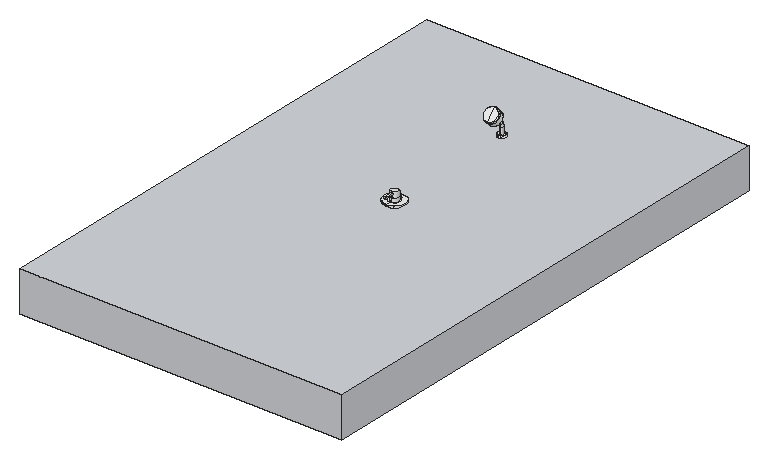
Revit family "Pressure_Balance_Valve_Shower-GROHE-Concetto-102495_Series", category Plumbing Fixtures, host Face, Revit 2019
Family settings
  Host = Face
  Round Connector Dimension = Use Diameter
  Part Type = Normal
  OmniClass Number = 23.45.05.14.17
  OmniClass Title = Showers
  Cut with Voids When Loaded = No
  Shared = Yes
  Room Calculation Point = No
Parameters (values of type "1024950000")
  Waste Connection = no
  WFU = 2  # constant formula
  Vent Connection = no
  URL = "https://www.grohe.com"
  Type Comments = ""
  Tempesta Cosmo Shower Head 4-Sprays (26 043) = yes
  Tempered Connection Radius = Tempered Connection Diameter / 2  # 1/4"
  Tempered Connection Diameter = Hot Water Connection Diameter  # 1/2"
  Model = "1024950000"
  Material = "Metal-Grohe-000-StarLight Chrome"
  Manufacturer = "Grohe"  # constant formula
  Installation Type = "Wall Mounted"  # constant formula
  Relexa 5” Shower Arm (27 414) = yes
  Hot Water Connection Radius = Hot Water Connection Diameter / 2  # 1/4"
  Hot Water Connection Diameter = Cold Water Connection Diameter  # 1/2"
  HWFU = 1.5  # constant formula
  HW Connection = yes
  Flow Rate = "2.0 gpm"  # constant formula
  Finish = Metal-Grohe-000-StarLight Chrome
  Description = "Concetto Bathtub/Shower Combo Faucet"  # constant formula
  Default Elevation = 40"  # constant formula
  Creation Date = "05/22/2024"  # constant formula
  Concetto Pressure Balance Trim with Cartridge (14 468) = yes
  Compliance Certifications = "• Massachusetts Plumbing Board Approved\r\n• Energy Policy Act of 1992\r\n• CSA B125.1\r\n• ASME A112.18.1"
  Cold Water Connection Radius = 1/4"  # constant formula
  Cold Water Connection Diameter = Cold Water Connection Radius * 2  # 1/2"
  CalGreen Compliant = yes
  CWFU = 1.5  # constant formula
  CW Connection = yes
  CEC Compliant = yes
  Assembly Code = "D2010710"
  ADA Compliant = yes
Types (3): name | Model | Material | Finish
  1024950000 | "1024950000" | "Metal-Grohe-000-StarLight Chrome" | Metal-Grohe-000-StarLight Chrome
  1024952430 | "1024952430" | "Metal-Grohe-2430-Matte Black" | Metal-Grohe-2430-Matte Black
  102495EN00 | "102495EN00" | "Metal-Grohe-EN0-Brushed Nickel Infinity Finish" | Metal-Grohe-EN0-Brushed Nickel Infinity Finish
Reference planes (in)
  plane 1 "Center (Front/Back)": y = 0
  plane 2: z = 0
  plane 3 "Center (Left/Right)": x = 0
  plane 4: z = 2.68355
  plane 5: z = 2.23466
  plane 6: y = 40
  plane 7: z = 7.27905
  plane 8: y = 35.97095
  plane 9: z = 0.375
  plane 10: y = -40
  plane 11: z = 4.6875
  plane 12: through (0, 39.21275, 6.80348) normal (0, 0.7071, 0.7071)
  plane 13: through (0, 34.51304, 5.93473) normal (0, -0.7071, -0.7071)
  plane 14: through (0, 38.44281, 5.0759) normal (0, -0.7071, 0.7071)
  plane 15: through (0, 36.46189, 7.77956) normal (0, -0.7071, 0.7071)
  plane 16: z = 4.9375
  plane 17: y = 38.375
  plane 18: y = 41.28125
  plane 19: y = 38.71875
  plane 20: x = 3.125
  plane 21: x = -3.125
  plane 22: y = 3.125
  plane 23: y = -3.625
  plane 24: y = 0.4375
Forms (in)
  Extrusion 1, solid
    sketch origin (0, 0, 0) x (1, 0, 0) y (0, 1, 0)
      loop
        line (-48, 72) -> (-48, -79.70833) -> (48, -79.70833) -> (48, 72) -> (-48, 72)
    from 0 to -12
  Revolve 2, solid, material "Metal-Grohe-000-StarLight Chrome" <- "Finish"
    sketch origin (0, 0, 0) x (0, 1, 0) y (0, 0, 1)
      loop
        line (1.11633, 1.4079) -> (1.025, 1.4079) -> (0.99546, 1.47124) -> (1.09216, 1.47124) -> (1.11633, 1.4954) -> (1.07948, 3.60602) -> (0, 3.60602) -> (0, 0) -> (1.11633, 0) -> (1.11633, 1.4079)
      axis (0, 3.60602) -> (0, 0)
    angle from 0 to 360
  Extrusion 3, void
    sketch origin (0, 0, 0) x (0, 1, 0) y (0, 0, 1)
      loop
        line (1.34438, 2.58954) -> (1.34438, 3.8541) -> (-1.40562, 3.8541) -> (-1.40562, 3.03645)
        arc (-1.40562, 3.03645) -> (-0.01538, 2.90676) -> (1.34438, 2.58954) r 10.26165
      loop
        line (-3.50752, 2.014) -> (-3.64022, 2.764) -> (-4.56057, 2.764) -> (-4.56057, 2.014) -> (-3.50752, 2.014)
    from -1.36469 to 1.35107
  Extrusion 4, solid, material "Metal-Grohe-000-StarLight Chrome" <- "Finish"
    sketch origin (0, 0, 0) x (1, 0, 0) y (0, 0, 1)
      loop
        circle (0, 2.4589) r 0.22424
    from 0 to 4.41223
  Revolve 5, solid, material "Metal-Grohe-000-StarLight Chrome" <- "Finish"
    sketch origin (0, 19.59538, 0) x (0, 1, 0) y (0, 0, 1)
      loop
        arc (21.58119, 0.36609) -> (21.56058, 0.39848) -> (21.52562, 0.41433) r 0.06732
        arc (21.52562, 0.41433) -> (20.96641, 0.47376) -> (20.40462, 0.49879) r 9.16753
        line (20.40462, 0.49879) -> (20.40462, 0) -> (21.68557, 0) -> (21.58119, 0.36609)
      axis (20.40462, 0.49879) -> (20.40462, 0)
    angle from 0 to 360
  Sweep 6, solid, material "Metal-Grohe-000-StarLight Chrome" <- "Finish"
    path origin (0, 19.59538, 0) x (0, 1, 0) y (0, 0, 1)
      loop
        line (20.40462, 0.18998) -> (20.40462, 2.61518)
        arc (20.40462, 2.61518) -> (20.28944, 3.1942) -> (19.96145, 3.68508) r 1.51306
        line (19.96145, 3.68508) -> (18.70903, 4.9375)
    profile origin (0, 40, 1.40258) x (0, -1, 0) y (1, 0, 0)
      loop
        circle (0, 0) r 0.42643
  Revolve 7, solid, material "Metal-Grohe-000-StarLight Chrome" <- "Finish"
    sketch origin (0, 19.06633, 0.52905) x (0, 1, 0) y (0, 0, 1)
      loop
        line (16.89587, 6.75066) -> (19.23808, 4.40845) -> (19.57096, 4.74133)
        arc (19.57096, 4.74133) -> (19.57952, 4.762) -> (19.57096, 4.78267) r 0.02923
        line (19.57096, 4.78267) -> (19.15873, 5.19491) -> (19.1311, 5.16728) -> (19.09477, 5.20361) -> (19.21722, 5.32606) -> (18.95355, 5.58973)
        arc (18.95355, 5.58973) -> (18.92315, 5.66148) -> (18.95122, 5.73418) r 0.10385
        line (18.95122, 5.73418) -> (19.78183, 6.62022)
        arc (19.78183, 6.62022) -> (19.8033, 6.67205) -> (19.78183, 6.72388) r 0.0733
        line (19.78183, 6.72388) -> (18.86498, 7.64074) -> (18.763, 7.53876) -> (18.72143, 7.58033) -> (18.83476, 7.69366) -> (18.43059, 8.09783)
        arc (18.43059, 8.09783) -> (18.38556, 8.11648) -> (18.34053, 8.09783) r 0.06368
        line (18.34053, 8.09783) -> (16.89587, 6.75066)
      axis (19.23808, 4.40845) -> (16.89587, 6.75066)
    angle from 0 to 360
  Extrusion 8, solid, material "Metal-Grohe-000-StarLight Chrome" <- "Finish"
    sketch origin (0, 0, 0) x (1, 0, 0) y (0, 1, 0)
      loop
        circle (-0.54724, 0) r 0.25
      loop
        circle (0.54724, 0) r 0.25
    from 0 to 0.0625
  Extrusion 9, solid, material "Metal-Grohe-000-StarLight Chrome" <- "Finish"
    sketch origin (0, 0, 0) x (1, 0, 0) y (0, 1, 0)
      loop
        circle (0, 0) r 3.125
    from 0 to 0.375
  Revolve 10, void
    sketch origin (0, 0, 0.0625) x (0, 1, 0) y (0, 0, 1)
      loop
        line (0.9361, 0.46279) -> (0.9361, 0.32096)
        arc (0.9361, 0.32096) -> (2.38083, 0.30275) -> (3.8252, 0.26566) r 110.56104
        line (3.8252, 0.26566) -> (3.8252, 0.46279) -> (0.9361, 0.46279)
      axis (0, 0.26566) -> (0, 0.46279)
    angle from 0 to 360
Cuts and joins
  Extrusion 3 cuts Revolve 2
  Extrusion 3 cuts Extrusion 4
  Revolve 10 cuts Extrusion 9
  joined: Revolve 2, Extrusion 4, Revolve 5, Sweep 6, Extrusion 8, Extrusion 9
Lines and regions (in)
  Masking region 1
    outline origin (0, 0, 0) x (1, 0, 0) y (0, 0, 1)
      loop
        arc (3.65586, 0.33439) -> (2.40029, 0.59724) -> (1.12667, 0.75031) r 14.78995
        line (1.12667, 0.75031) -> (1.12667, 0.9704) -> (1.025, 0.9704) -> (0.99546, 1.03374) -> (1.09216, 1.03374) -> (1.11633, 1.0579) -> (1.0917, 2.90622)
        arc (1.0917, 2.90622) -> (1.08043, 2.92617) -> (1.06274, 2.94073) r 0.06262
        arc (1.06274, 2.94073) -> (0.99729, 2.96845) -> (0.92752, 2.98207) r 0.34233
        arc (0.92752, 2.98207) -> (0.78931, 2.99502) -> (0.65122, 3.00929) r 14.56391
        line (0.65122, 3.00929) -> (0.65122, 4.47175)
        arc (0.65122, 4.47175) -> (1.27889, 4.70755) -> (1.79116, 5.14016) r 1.97061
        arc (1.79116, 5.14016) -> (1.95654, 5.41112) -> (2.03413, 5.71894) r 1.05828
        line (2.03413, 5.71894) -> (2.03413, 7.21767)
        arc (2.03413, 7.21767) -> (1.83412, 7.8564) -> (1.30553, 8.26699) r 1.11991
        arc (1.30553, 8.26699) -> (0.01, 8.6409) -> (-1.28869, 8.27812) r 2.46807
        arc (-1.28869, 8.27812) -> (-1.82355, 7.86816) -> (-2.02632, 7.22548) r 1.11991
        line (-2.02632, 7.22548) -> (-2.02632, 5.71894)
        arc (-2.02632, 5.71894) -> (-1.94873, 5.41112) -> (-1.78335, 5.14016) r 1.05828
        arc (-1.78335, 5.14016) -> (-1.27451, 4.70957) -> (-0.65122, 4.47325) r 1.97061
        line (-0.65122, 4.47325) -> (-0.65122, 3.00929)
        arc (-0.65122, 3.00929) -> (-0.78931, 2.99502) -> (-0.92752, 2.98207) r 14.56391
        arc (-0.92752, 2.98207) -> (-0.99729, 2.96845) -> (-1.06274, 2.94073) r 0.34233
        arc (-1.06274, 2.94073) -> (-1.08043, 2.92617) -> (-1.0917, 2.90622) r 0.06262
        line (-1.0917, 2.90622) -> (-1.11633, 1.0579) -> (-1.09216, 1.03374) -> (-0.99546, 1.03374) -> (-1.025, 0.9704) -> (-1.12663, 0.9704) -> (-1.12663, 0.75026)
        arc (-1.12663, 0.75026) -> (-2.39989, 0.59719) -> (-3.65511, 0.33439) r 14.78995
        line (-3.65511, 0.33439) -> (-3.65511, 0) -> (3.65586, 0) -> (3.65586, 0.33439)
  symbolic lines, detail levels medium+fine
    curve 1: line (1.4079, 0, 0) -> (1.31289, 0, 0.32466)
    curve 2: arc (1.2164, 0, 0.40816) -> (0.82228, 0, 0.45481) -> (0.42643, 0, 0.48338) r 8.67483
    curve 3: line (0.42643, 0, 0.48338) -> (0.42643, 0, 4.48887)
    curve 4: line (-0.42643, 0, 0.48338) -> (-0.42643, 0, 4.48887)
    curve 5: line (-1.4079, 0, 0) -> (-1.33698, 0, 0.24236)
    curve 7: arc (-0.42643, 0, 0.48338) -> (-0.77866, 0, 0.45885) -> (-1.12959, 0, 0.42001) r 8.67483
    curve 36: line (0.42643, 0, 4.48887) -> (0.42643, 0, 5.27607)
    curve 37: line (-0.42643, 0, 4.48887) -> (-0.42643, 0, 5.27607)
  symbolic lines, detail levels fine
    curve 6: arc (0.42643, 0, 0.48338) -> (0, 0, 0.49387) -> (-0.42643, 0, 0.48338) r 8.67483
    curve 8: line (1.025, 0, 1.4079) -> (0.42643, 0, 1.4079)
    curve 9: line (0.99546, 0, 1.47124) -> (0.42643, 0, 1.47124)
    curve 10: line (0.65122, 0, 3.00929) -> (0.42643, 0, 3.00929)
    curve 11: line (-1.025, 0, 1.4079) -> (-0.42643, 0, 1.4079)
    curve 12: line (-0.99546, 0, 1.47124) -> (-0.42643, 0, 1.47124)
    curve 13: line (-0.65122, 0, 3.00929) -> (-0.42643, 0, 3.00929)
    curve 14: spline (0, 0, 5.88289) -> (0.06526, 0, 5.87987) -> (0.12941, 0, 5.87085) -> (0.19134, 0, 5.85598) -> (0.25, 0, 5.83553) -> (0.30438, 0, 5.80983) -> (0.35355, 0, 5.77934) -> (0.39668, 0, 5.74457) -> (0.43301, 0, 5.70612) -> (0.46194, 0, 5.66464) -> (0.48296, 0, 5.62085) -> (0.49572, 0, 5.57549) -> (0.5, 0, 5.52934)
    curve 15: spline (0, 0, 5.97657) -> (0.10144, 0, 5.97027) -> (0.19976, 0, 5.95153) -> (0.29195, 0, 5.92095) -> (0.37517, 0, 5.87946) -> (0.44687, 0, 5.82834) -> (0.50485, 0, 5.76915) -> (0.54733, 0, 5.70371) -> (0.57301, 0, 5.63403) -> (0.58108, 0, 5.56226) -> (0.57132, 0, 5.49058) -> (0.54401, 0, 5.42122) -> (0.5, 0, 5.35629)
    curve 16: line (0.5811, 0, 5.56567) -> (0.5811, 0, 5.73658)
    curve 17: arc (0.5811, 0, 5.73658) -> (0.35669, 0, 6.03061) -> (0, 0, 6.12854) r 0.57841
    curve 18: line (0.5, 0, 5.52934) -> (0.5, 0, 5.26369)
    curve 19: arc (-0.5811, 0, 5.73658) -> (-0.35669, 0, 6.03061) -> (0, 0, 6.12854) r 0.57841
    curve 20: spline (0, 0, 5.88289) -> (-0.06526, 0, 5.87987) -> (-0.12941, 0, 5.87085) -> (-0.19134, 0, 5.85598) -> (-0.25, 0, 5.83553) -> (-0.30438, 0, 5.80983) -> (-0.35355, 0, 5.77934) -> (-0.39668, 0, 5.74457) -> (-0.43301, 0, 5.70612) -> (-0.46194, 0, 5.66464) -> (-0.48296, 0, 5.62085) -> (-0.49572, 0, 5.57549) -> (-0.5, 0, 5.52934)
    curve 21: spline (0, 0, 5.97657) -> (-0.10144, 0, 5.97027) -> (-0.19976, 0, 5.95153) -> (-0.29195, 0, 5.92095) -> (-0.37517, 0, 5.87946) -> (-0.44687, 0, 5.82834) -> (-0.50485, 0, 5.76915) -> (-0.54733, 0, 5.70371) -> (-0.57301, 0, 5.63403) -> (-0.58108, 0, 5.56226) -> (-0.57132, 0, 5.49058) -> (-0.54401, 0, 5.42122) -> (-0.5, 0, 5.35629)
    curve 22: line (-0.5, 0, 5.52934) -> (-0.5, 0, 5.26369)
    curve 23: line (-0.5811, 0, 5.56567) -> (-0.5811, 0, 5.73658)
    curve 24: arc (0.5, 0, 5.26369) -> (0.47503, 0, 5.17495) -> (0.42643, 0, 5.0966) r 0.32933
    curve 25: spline (0.42643, 0, 5.27607) -> (0.4119, 0, 5.35411) -> (0.3693, 0, 5.42683) -> (0.30153, 0, 5.48928) -> (0.21322, 0, 5.5372) -> (0.11037, 0, 5.56732) -> (0, 0, 5.5776) -> (-0.11037, 0, 5.56732) -> (-0.21322, 0, 5.5372) -> (-0.30153, 0, 5.48928) -> (-0.3693, 0, 5.42683) -> (-0.4119, 0, 5.35411) -> (-0.42643, 0, 5.27607)
    curve 26: arc (-0.5, 0, 5.26369) -> (-0.47503, 0, 5.17495) -> (-0.42643, 0, 5.0966) r 0.32933
    curve 27: spline (0, 0, 7.13508) -> (0.45587, 0, 7.09574) -> (0.88498, 0, 6.98003) -> (1.26214, 0, 6.79473) -> (1.5652, 0, 6.55074) -> (1.77637, 0, 6.26236) -> (1.88326, 0, 5.94654) -> (1.8796, 0, 5.62181) -> (1.76559, 0, 5.30723) -> (1.54793, 0, 5.02128) -> (1.23939, 0, 4.78074) -> (0.8581, 0, 4.59972) -> (0.42643, 0, 4.48887)
    curve 28: spline (-0.42643, 0, 4.48887) -> (-0.8581, 0, 4.59972) -> (-1.23939, 0, 4.78074) -> (-1.54793, 0, 5.02128) -> (-1.76559, 0, 5.30723) -> (-1.8796, 0, 5.62181) -> (-1.88326, 0, 5.94654) -> (-1.77637, 0, 6.26236) -> (-1.5652, 0, 6.55074) -> (-1.26214, 0, 6.79473) -> (-0.88498, 0, 6.98003) -> (-0.45587, 0, 7.09574) -> (0, 0, 7.13508)
    curve 29: arc (1.31289, 0, 0.32466) -> (1.27694, 0, 0.38062) -> (1.2164, 0, 0.40816) r 0.11774
    curve 30: arc (-1.12959, 0, 0.42001) -> (-1.25968, 0, 0.362) -> (-1.33698, 0, 0.24236) r 0.25
    curve 31: line (1.12689, 0, 0.74761) -> (0.42643, 0, 0.74761)
    curve 32: line (-1.11633, 0, 0.74761) -> (-0.42643, 0, 0.74761)
    curve 33: arc (1.0917, 0, 2.90622) -> (1.08585, 0, 2.88483) -> (1.07139, 0, 2.86801) r 0.05045
    curve 34: arc (1.07139, 0, 2.86801) -> (0.9726, 0, 2.80912) -> (0.86398, 0, 2.7713) r 0.5688
    curve 35: arc (0.86398, 0, 2.7713) -> (0.64629, 0, 2.72576) -> (0.42643, 0, 2.6923) r 4.03197
    curve 38: arc (-1.07139, 0, 2.86801) -> (-0.9726, 0, 2.80912) -> (-0.86398, 0, 2.7713) r 0.5688
    curve 39: arc (-0.86398, 0, 2.7713) -> (-0.64629, 0, 2.72576) -> (-0.42643, 0, 2.6923) r 4.03197
Dimensions and locks (in)
  plane 7 to Extrusion 1 = 7.27905"
  plane 6 to plane 8 = 4.02905"
  plane 9 to Extrusion 1 = 3/8"  (x2)
  plane 10 to plane 1 "Center (Front/Back)" = 40"
  plane 6 to plane 10 = 80"
  plane 11 to Extrusion 1 = 4 11/16"
  plane 12 to plane 13 = 3 15/16"
  plane 15 to plane 14 = 3 5/16"
  plane 16 to Extrusion 1 = 4 15/16"
  plane 6 to plane 17 = 1 5/8"
  locked: plane 18 to plane 19 at 2.5625
  plane 21 to plane 20 = 6 1/4"
  plane 22 to plane 23 = 6 3/4"
  plane 23 to plane 24 = 4 1/16"
  plane 1 "Center (Front/Back)" to plane 23 = 3 5/8"
  "Hot Water Connection Diameter": diameter of Extrusion 8 sketch curve
  "Cold Water Connection Diameter": diameter of Extrusion 8 sketch curve
  aligned and locked: plane 2 to Extrusion 1
  aligned and locked: level to Extrusion 1
  aligned and locked: plane 9 to Extrusion 9
  aligned and locked: Revolve 10 sketch curve to plane 1 "Center (Front/Back)"
Automatic sketch dimensions
  Extrusion 1 sketch curve to Extrusion 1 sketch curve = 96"
  Extrusion 1 sketch curve to Extrusion 1 sketch curve = 151.70833"
  plane 4 to Extrusion 3 sketch curve = 0.08044"
  plane 1 "Center (Front/Back)" to Extrusion 3 sketch curve = 4.56057"
  Extrusion 3 sketch curve to Extrusion 3 sketch curve = 0.92035"
  Extrusion 3 sketch curve to plane 5 = 0.22066"
  Extrusion 3 sketch curve to Extrusion 3 sketch curve = 0.1327"
  plane 1 "Center (Front/Back)" to Extrusion 3 sketch curve = 1.66147"
  plane 1 "Center (Front/Back)" to Extrusion 3 sketch curve = 1.40562"
  Extrusion 3 sketch curve to plane 4 = 0.09402"
  Extrusion 3 sketch curve to plane 1 "Center (Front/Back)" = 1.34438"
  Extrusion 3 sketch curve to level = 7.22201"
  plane 4 to Extrusion 3 sketch curve = 1.17055"
  Extrusion 4 sketch curve to plane 3 "Center (Left/Right)" = 0"
  plane 5 to Extrusion 4 sketch curve = 0.22424"
  Revolve 5 sketch curve to level = 0"  (x2)
  Revolve 5 sketch curve to plane 6 = 0"  (x2)
  Revolve 5 sketch curve to plane 6 = 0.12695"
  level to Revolve 5 sketch curve = 0.34764"
  plane 6 to Revolve 5 sketch curve = 1.11184"
  level to Revolve 5 sketch curve = 0.36609"
  Revolve 5 sketch curve to Revolve 5 sketch curve = 0.06474"
  Revolve 5 sketch curve to Revolve 5 sketch curve = 0.10438"
  Revolve 5 sketch curve to Revolve 5 sketch curve = 8.66786"
  level to Revolve 5 sketch curve = 0.49879"
  Revolve 5 sketch curve to Revolve 5 sketch curve = 0.44101"
  Sweep 6 sketch curve to profile plane = 0"  (x2)
  plane 1 "Center (Front/Back)" to Extrusion 8 sketch curve = 0"  (x2)
  Extrusion 8 sketch curve to plane 3 "Center (Left/Right)" = 0.54724"
  plane 3 "Center (Left/Right)" to Extrusion 8 sketch curve = 0.54724"
  Revolve 2 sketch curve to plane 1 "Center (Front/Back)" = 0"  (x2)
  Revolve 2 sketch curve to level = 0"
  Revolve 2 sketch curve to plane 1 "Center (Front/Back)" = 0.99546"
  Revolve 2 sketch curve to Revolve 2 sketch curve = 0.02953"
  Revolve 2 sketch curve to Revolve 2 sketch curve = 1.07948"
  Revolve 2 sketch curve to Revolve 2 sketch curve = 0.06716"
  Revolve 2 sketch curve to Revolve 2 sketch curve = 0.02417"  (x3)
  Revolve 2 sketch curve to plane 5 = 0.82675"
  Revolve 2 sketch curve to Revolve 2 sketch curve = 0.06333"
  Revolve 2 sketch curve to Revolve 2 sketch curve = 1/2"
  Revolve 2 sketch curve to Revolve 2 sketch curve = 1/4"
  plane 4 to Revolve 2 sketch curve = 0.92246"
  Revolve 10 sketch curve to plane 1 "Center (Front/Back)" = 0.26505"
  plane 9 to Revolve 10 sketch curve = 0.00846"
  Revolve 10 sketch curve to plane 1 "Center (Front/Back)" = 0.9361"
  plane 9 to Revolve 10 sketch curve = 0.15029"  (x2)
  Revolve 10 sketch curve to Revolve 10 sketch curve = 2.8891"
  level to Revolve 10 sketch curve = 0.32816"
  Revolve 10 sketch curve to Revolve 10 sketch curve = 0.18588"
  Masking region 1 sketch curve to Masking region 1 sketch curve = 0"  (x9)
  Masking region 1 sketch curve to level = 0"
  Masking region 1 sketch curve to plane 3 "Center (Left/Right)" = 3.65511"
  Masking region 1 sketch curve to plane 3 "Center (Left/Right)" = 1.12663"
  Masking region 1 sketch curve to Masking region 1 sketch curve = 0.01031"
  Masking region 1 sketch curve to Masking region 1 sketch curve = 0.02417"  (x4)
  plane 4 to Masking region 1 sketch curve = 57/256"
  Masking region 1 sketch curve to Masking region 1 sketch curve = 0.06716"  (x2)
  Masking region 1 sketch curve to Masking region 1 sketch curve = 0.02953"  (x2)
  Masking region 1 sketch curve to plane 3 "Center (Left/Right)" = 0.97295"
  Masking region 1 sketch curve to plane 3 "Center (Left/Right)" = 0.90641"
  Masking region 1 sketch curve to plane 3 "Center (Left/Right)" = 0.2743"
  Masking region 1 sketch curve to plane 3 "Center (Left/Right)" = 0.00059"
  plane 3 "Center (Left/Right)" to Masking region 1 sketch curve = 0.00037"
  plane 3 "Center (Left/Right)" to Masking region 1 sketch curve = 0.28212"
  Masking region 1 sketch curve to Masking region 1 sketch curve = 0.63211"
  Masking region 1 sketch curve to Masking region 1 sketch curve = 0.06654"
  plane 3 "Center (Left/Right)" to Masking region 1 sketch curve = 0.99546"
  Masking region 1 sketch curve to Masking region 1 sketch curve = 0.03451"
  Masking region 1 sketch curve to Masking region 1 sketch curve = 1.05337"
  Masking region 1 sketch curve to Masking region 1 sketch curve = 2.52918"
  Masking region 1 sketch curve to level = 13.9967"
  Masking region 1 sketch curve to Masking region 1 sketch curve = 0.33439"  (x2)
  plane 9 to Masking region 1 sketch curve = 0.5954"  (x2)
  Masking region 1 sketch curve to Masking region 1 sketch curve = 0.06333"  (x2)
  plane 11 to Masking region 1 sketch curve = 1.03144"  (x2)
  Masking region 1 sketch curve to Masking region 1 sketch curve = 0.3521"  (x2)
  Masking region 1 sketch curve to Masking region 1 sketch curve = 0.23464"
  Masking region 1 sketch curve to Masking region 1 sketch curve = 1.49873"
  Masking region 1 sketch curve to Masking region 1 sketch curve = 1.50654"
  Masking region 1 sketch curve to Masking region 1 sketch curve = 0.73763"
  Masking region 1 sketch curve to plane 11 = 0.21425"
  Masking region 1 sketch curve to plane 11 = 0.21575"
  plane 4 to Masking region 1 sketch curve = 0.32574"  (x2)
  Revolve 7 sketch curve to plane 15 = 0.06905"
  Revolve 7 sketch curve to plane 14 = 0"
  plane 14 to Revolve 7 sketch curve = 0"
  plane 8 to Revolve 7 sketch curve = 0.00875"
  Revolve 7 sketch curve to plane 8 = 1.43591"
  Revolve 7 sketch curve to Revolve 7 sketch curve = 0.04503"  (x2)
  plane 7 to Revolve 7 sketch curve = 1.34783"
  Revolve 7 sketch curve to Revolve 7 sketch curve = 0.33587"
  plane 7 to Revolve 7 sketch curve = 0.78876"
  Revolve 7 sketch curve to Revolve 7 sketch curve = 0.04157"
  Revolve 7 sketch curve to Revolve 7 sketch curve = 0.11333"
  plane 7 to Revolve 7 sketch curve = 0.89074"
  Revolve 7 sketch curve to plane 6 = 1.98244"
  plane 11 to Revolve 7 sketch curve = 1.43128"
  Revolve 7 sketch curve to Revolve 7 sketch curve = 0.00233"
  Revolve 7 sketch curve to Revolve 7 sketch curve = 0.07576"
  Revolve 7 sketch curve to Revolve 7 sketch curve = 0.14122"
  plane 11 to Revolve 7 sketch curve = 1.00883"
  Revolve 7 sketch curve to Revolve 7 sketch curve = 0.03633"
  plane 11 to Revolve 7 sketch curve = 1.03646"
  Revolve 7 sketch curve to Revolve 7 sketch curve = 0.02763"
  plane 11 to Revolve 7 sketch curve = 1/4"
  Revolve 7 sketch curve to Revolve 7 sketch curve = 0.31221"
  plane 11 to Revolve 7 sketch curve = 0.58288"
  plane 11 to Revolve 7 sketch curve = 0.62422"
  Revolve 7 sketch curve to plane 7 = 0.07795"
  Revolve 7 sketch curve to plane 6 = 1.20367"
  Revolve 7 sketch curve to plane 7 = 0.12978"
  Revolve 7 sketch curve to plane 7 = 0.02612"
  Revolve 7 sketch curve to Revolve 7 sketch curve = 0.07343"
  plane 8 to Revolve 7 sketch curve = 0.27003"
  Revolve 7 sketch curve to Revolve 7 sketch curve = 0.35355"  (x2)
  plane 7 to Revolve 7 sketch curve = 0.26195"
  Sweep 6 sketch curve to plane 16 = 0"
  Sweep 6 sketch curve to plane 6 = 0"
  Sweep 6 sketch curve to plane 6 = 0.44316"
  Sweep 6 sketch curve to plane 4 = 0.06837"
  Sweep 6 sketch curve to Sweep 6 sketch curve = 1.51306"
  Sweep 6 sketch curve to plane 6 = 1.69559"
  level to Sweep 6 sketch curve = 0.18998"
  plane 1 "Center (Front/Back)" to Extrusion 9 sketch curve = 0"
  Extrusion 9 sketch curve to plane 3 "Center (Left/Right)" = 0"
  curve 2 to curve 6 = 0"  (x2)
  curve 2 to curve 7 = 0"  (x2)
  curve 6 to curve 7 = 0"  (x2)
  curve 5 to level = 0"
  curve 27 to plane 3 "Center (Left/Right)" = 0"
  curve 17 to plane 3 "Center (Left/Right)" = 0"
  curve 20 to plane 3 "Center (Left/Right)" = 0"
  curve 15 to plane 3 "Center (Left/Right)" = 0"
  curve 7 to plane 3 "Center (Left/Right)" = 0"
  curve 25 to plane 3 "Center (Left/Right)" = 0"
  curve 1 to level = 0"
  curve 19 to plane 3 "Center (Left/Right)" = 0.03325"
  curve 35 to plane 3 "Center (Left/Right)" = 0.07005"
  curve 26 to plane 3 "Center (Left/Right)" = 0.17362"
  curve 4 to plane 11 = 0.19863"
  curve 4 to plane 3 "Center (Left/Right)" = 0.42643"
  curve 22 to curve 37 = 0.07357"
  curve 23 to curve 20 = 0.0811"
  curve 38 to curve 13 = 0.30578"
  level to curve 30 = 0.17214"
  curve 30 to curve 7 = 0.67061"
  curve 5 to plane 9 = 0.13264"
  curve 5 to curve 30 = 0.23994"
  plane 3 "Center (Left/Right)" to curve 17 = 0.03325"
  plane 3 "Center (Left/Right)" to curve 39 = 0.07005"
  plane 3 "Center (Left/Right)" to curve 24 = 0.17362"
  curve 25 to curve 18 = 0.07357"
  curve 18 to curve 16 = 0.0811"
  curve 10 to curve 34 = 0.30578"
  plane 4 to curve 33 = 0.22496"
  curve 34 to curve 33 = 0.30909"
  curve 29 to plane 9 = 0.08341"
  curve 3 to curve 29 = 0.77346"
  curve 1 to plane 9 = 0.05034"
  curve 29 to curve 1 = 0.113"
  curve 7 to level = 8.18096"
  plane 9 to curve 3 = 0.10838"
  curve 33 to curve 34 = 0.41611"
  plane 4 to curve 38 = 0.64107"
  curve 3 to plane 11 = 0.19863"
  plane 16 to curve 18 = 0.32619"
  plane 16 to curve 22 = 0.32619"
  curve 26 to curve 37 = 0.01238"
  curve 25 to curve 26 = 0.03159"
  curve 25 to curve 24 = 0.03159"
  curve 37 to curve 22 = 0.25327"
  curve 25 to curve 18 = 0.25327"
  curve 14 to curve 17 = 0.02175"
  curve 14 to curve 19 = 0.02175"
  curve 18 to curve 16 = 0.20724"
  curve 19 to curve 39 = 0.56505"
  curve 35 to curve 39 = 0"
  curve 13 to curve 13 = 0.22479"
  plane 4 to curve 39 = 0.08774"
  curve 38 to curve 39 = 0"
  curve 12 to curve 12 = 0.56903"
  curve 11 to curve 12 = 0.02953"
  plane 4 to curve 38 = 0.18446"
  curve 7 to curve 32 = 0.01327"
  curve 5 to curve 30 = 0.07093"
  plane 21 to curve 27 = 1.22955"
  curve 28 to curve 27 = 0"
  curve 10 to curve 10 = 0.22479"
  plane 4 to curve 34 = 0.08774"
  curve 35 to curve 34 = 0"
  curve 9 to curve 9 = 0.56903"
  curve 9 to curve 8 = 0.02953"
  curve 33 to curve 34 = 0"
  curve 34 to curve 33 = 0.02031"
  curve 31 to curve 2 = 0.08951"
  curve 1 to curve 1 = 0.09501"
  curve 6 to curve 31 = 0.26423"
  curve 4 to curve 32 = 0.26423"
  curve 31 to curve 8 = 0.66029"
  curve 32 to curve 11 = 0.66029"
  curve 8 to curve 9 = 0.06333"
  curve 11 to curve 12 = 0.06333"
  curve 35 to curve 10 = 0.31699"
  curve 39 to curve 13 = 0.31699"
  curve 24 to curve 15 = 0.0926"
  curve 22 to curve 21 = 0.0926"
  curve 19 to curve 21 = 0.01459"
  curve 23 to curve 21 = 0"
  curve 16 to curve 15 = 0"
  curve 27 to curve 15 = 0.18178"
  curve 27 to curve 20 = 0.0881"
  Masking region 1 sketch curve to Masking region 1 sketch curve = 0.44048"  (x2)
  Masking region 1 sketch curve to plane 3 "Center (Left/Right)" = 0.65122"
  Masking region 1 sketch curve to Masking region 1 sketch curve = 0.05924"  (x2)
  Masking region 1 sketch curve to Masking region 1 sketch curve = 0.0203"
  Masking region 1 sketch curve to plane 4 = 0.04247"  (x2)
  Masking region 1 sketch curve to Masking region 1 sketch curve = 0.13522"
  plane 20 to Masking region 1 sketch curve = 0.90758"
  Masking region 1 sketch curve to Masking region 1 sketch curve = 0.16418"
  Masking region 1 sketch curve to Masking region 1 sketch curve = 0.02896"
  Masking region 1 sketch curve to Masking region 1 sketch curve = 0.13526"  (x2)
  Masking region 1 sketch curve to Masking region 1 sketch curve = 0.10494"
  radius of Extrusion 4 sketch curve = 0.22424"
  radius of Sweep 6 sketch curve = 0.42643"
  radius of Extrusion 9 sketch curve = 3 1/8"
Connectors (in)
  piping at (-0.54724, 0, 0), diameter 0.5, driven by "Hot Water Connection Diameter"
    settings: on Extrusion 8, index 3, connector inside diameter 24", connector length 0", flow factor 0, pipe flow 0 GPM, pressure drop 0.00 psi, fitting loss kfactor 0, connector angle 0.00°, fixture units 0, engagement length 0", angle of deflection 0.00°, flow configuration 3, flow direction 1, fitting loss method 0, system type 19, joint type 0, gender type 0, connector reference index -1, connector utility 0, adjustable connector no, is connector primary yes, connector description "1/2\" NPT HW Inlet"
  piping at (0.54724, 0, 0), diameter 0.5, driven by "Cold Water Connection Diameter"
    settings: on Extrusion 8, index 4, connector inside diameter 24", connector length 0", flow factor 0, pipe flow 0 GPM, pressure drop 0.00 psi, fitting loss kfactor 0, connector angle 0.00°, fixture units 0, engagement length 0", angle of deflection 0.00°, flow configuration 3, flow direction 1, fitting loss method 0, system type 20, joint type 0, gender type 0, connector reference index -1, connector utility 0, adjustable connector no, is connector primary no, connector description "1/2\" NPT CW Inlet"
  piping at (0, 40, 0), diameter 0.5, driven by "Tempered Connection Diameter"
    settings: on cut or joined group of Revolve 2, Extrusion 3, Extrusion 4, Revolve 5, Sweep 6, Extrusion 8, Extrusion 9, Revolve 10, index 5, connector inside diameter 24", connector length 0", flow factor 0, pipe flow 0 GPM, pressure drop 0.00 psi, fitting loss kfactor 0, connector angle 0.00°, fixture units 0, engagement length 0", angle of deflection 0.00°, flow configuration 0, flow direction 1, fitting loss method 0, system type 29, joint type 0, gender type 0, connector reference index -1, connector utility 0, adjustable connector no, is connector primary no, connector description "1/2\" NPT Inlet to Showerhead"
